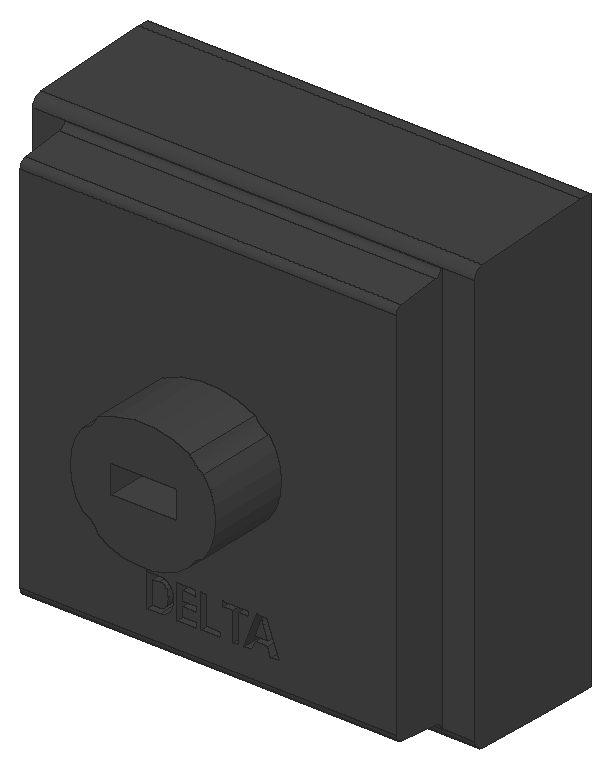
Revit family "Delta Bath Ara 50101", category Plumbing Fixtures, host Wall, Revit 2013
Parameters
  URL = "http://www.deltafaucet.com "
  Shower = Stainless Steel
  Model = "50101"
  Manufacturer = "Delta"
  Depth = 0' - 1.5036"
Reference planes (in)
  plane 1: y = 0
  plane 2 "Center (Left/Right)": x = 0
  plane 3 "Wall Edge": y = 3
  plane 4: y = -3
Forms (in)
  Extrusion 1, solid, material "Stainless Steel" <- "Shower", not visible
    sketch origin (0.0775, 0, 2.32043) x (0, 1, 0) y (0, 0, 1)
      loop
        arc (-3.71279, 70.83597) -> (-3.75105, 70.82014) -> (-3.76996, 70.7833) r 0.06
        line (-3.76996, 70.7833) -> (-3.76996, 68.58439)
        arc (-3.76996, 68.58439) -> (-3.75108, 68.54756) -> (-3.71285, 68.53172) r 0.06
        line (-3.71285, 68.53172) -> (-3.358, 68.51723) -> (-3.202, 68.51086) -> (-3.06, 68.50507) -> (-3, 68.50589) -> (-3, 70.86189) -> (-3.06002, 70.86272) -> (-3.71279, 70.83597)
    from -1.25567 to 1.10068
  Extrusion 2, solid, material "Stainless Steel" <- "Shower", not visible
    sketch origin (0.0775, 0, 2.32043) x (0, 1, 0) y (0, 0, 1)
      loop
        arc (-4.0704, 68.68209) -> (-4.06006, 68.65525) -> (-4.03438, 68.64229) r 0.04
        line (-4.03438, 68.64229) -> (-3.80543, 68.6194)
        arc (-3.80543, 68.6194) -> (-3.78159, 68.60811) -> (-3.76996, 68.58444) r 0.04
        line (-3.76996, 68.58444) -> (-3.76996, 70.78334)
        arc (-3.76996, 70.78334) -> (-3.7816, 70.75966) -> (-3.80546, 70.74839) r 0.04
        line (-3.80546, 70.74839) -> (-4.03438, 70.72549)
        arc (-4.03438, 70.72549) -> (-4.06006, 70.71253) -> (-4.0704, 70.68569) r 0.04
        line (-4.0704, 70.68569) -> (-4.0704, 68.68209)
    from -1.08046 to 0.92373
  Extrusion 3, void, not visible
    sketch origin (-0.03125, 3, 0) x (1, 0, 0) y (0, 0, 1)
      loop
        line (0.28695, 71.32364) -> (0.21974, 71.14078) -> (0.26452, 71.14078) -> (0.2811, 71.18589) -> (0.34825, 71.18589) -> (0.36483, 71.14078) -> (0.40961, 71.14078) -> (0.3424, 71.32364) -> (0.28695, 71.32364)
      loop
        line (0.2811, 71.21714) -> (0.34825, 71.21714) -> (0.31467, 71.30849) -> (0.2811, 71.21714)
      loop
        line (0.19149, 71.14078) -> (0.19149, 71.29239) -> (0.24412, 71.29239) -> (0.24412, 71.32364) -> (0.10761, 71.32364) -> (0.10761, 71.29239) -> (0.16024, 71.29239) -> (0.16024, 71.14078) -> (0.19149, 71.14078)
      loop
        line (0.09663, 71.17203) -> (0.02319, 71.17203) -> (0.02319, 71.32364) -> (-0.00806, 71.32364) -> (-0.00806, 71.14078) -> (0.09663, 71.14078) -> (0.09663, 71.17203)
      loop
        line (-0.03436, 71.32364) -> (-0.13897, 71.32364) -> (-0.13897, 71.14078) -> (-0.03266, 71.14078) -> (-0.03266, 71.17203) -> (-0.10772, 71.17203) -> (-0.10772, 71.21659) -> (-0.03266, 71.21659) -> (-0.03266, 71.24784) -> (-0.10772, 71.24784) -> (-0.10772, 71.29239) -> (-0.03436, 71.29239) -> (-0.03436, 71.32364)
      loop
        arc (-0.15875, 71.2745) -> (-0.18609, 71.31013) -> (-0.22893, 71.32364) r 0.07469
        line (-0.22893, 71.32364) -> (-0.29592, 71.32364) -> (-0.29592, 71.14078) -> (-0.22893, 71.14078)
        arc (-0.22893, 71.14078) -> (-0.18609, 71.15429) -> (-0.15875, 71.18992) r 0.07469
        arc (-0.15875, 71.18992) -> (-0.15129, 71.23221) -> (-0.15875, 71.2745) r 0.12364
      loop
        line (-0.26467, 71.29239) -> (-0.26467, 71.17203) -> (-0.22893, 71.17203)
        arc (-0.22893, 71.17203) -> (-0.20402, 71.17989) -> (-0.18811, 71.20061) r 0.04344
        arc (-0.18811, 71.20061) -> (-0.18254, 71.23221) -> (-0.18811, 71.26381) r 0.09239
        arc (-0.18811, 71.26381) -> (-0.20402, 71.28454) -> (-0.22893, 71.29239) r 0.04344
        line (-0.22893, 71.29239) -> (-0.26467, 71.29239)
    from 6.92043 to 7.1751
  Extrusion 4, void, not visible
    sketch origin (0, 3, 0) x (1, 0, 0) y (0, 0, 1)
      loop
        circle (0, 72.0046) r 0.49
    from 6.35847 to 7.1751
  Extrusion 5, solid, material "Stainless Steel" <- "Shower", not visible
    sketch origin (0, 3, 0) x (1, 0, 0) y (0, 0, 1)
      loop
        arc (0.24724, 72.26684) -> (0.00293, 72.33311) -> (-0.2436, 72.27566) r 0.51789
        arc (-0.2436, 72.27566) -> (-0.27468, 72.22838) -> (-0.32343, 72.19967) r 0.12488
        arc (-0.32343, 72.19967) -> (-0.3878, 71.99942) -> (-0.32343, 71.79916) r 0.34368
        arc (-0.32343, 71.79916) -> (-0.2728, 71.76862) -> (-0.24189, 71.71821) r 0.12488
        arc (-0.24189, 71.71821) -> (0.005, 71.64257) -> (0.24724, 71.732) r 0.40377
        arc (0.24724, 71.732) -> (0.2782, 71.77367) -> (0.32343, 71.79916) r 0.12488
        arc (0.32343, 71.79916) -> (0.3878, 71.99942) -> (0.32343, 72.19967) r 0.34368
        arc (0.32343, 72.19967) -> (0.2782, 72.22516) -> (0.24724, 72.26684) r 0.12488
    from 7.0704 to 7.5036
  Extrusion 6, void, not visible
    sketch origin (0, 3, 0) x (1, 0, 0) y (0, 0, 1)
      loop
        line (0.17559, 72.0799) -> (-0.17559, 72.0799) -> (-0.17559, 71.9293) -> (0.17559, 71.9293) -> (0.17559, 72.0799)
    from 7.1751 to 7.6751
  Extrusion 7, solid, material "Stainless Steel" <- "Shower", not visible
    sketch origin (0.0775, 0, 2.32043) x (0, 1, 0) y (0, 0, 1)
      loop
        arc (-3.71279, 70.83597) -> (-3.75105, 70.82014) -> (-3.76996, 70.7833) r 0.06
        line (-3.76996, 70.7833) -> (-3.76996, 68.58439)
        arc (-3.76996, 68.58439) -> (-3.75108, 68.54756) -> (-3.71285, 68.53172) r 0.06
        line (-3.71285, 68.53172) -> (-3.358, 68.51723) -> (-3.202, 68.51086) -> (-3.06, 68.50507) -> (-3, 68.50589) -> (-3, 70.86189) -> (-3.06002, 70.86272) -> (-3.71279, 70.83597)
    from -1.25567 to 1.10068
  Extrusion 8, solid, material "Stainless Steel" <- "Shower", not visible
    sketch origin (0.0775, 0, 2.32043) x (0, 1, 0) y (0, 0, 1)
      loop
        arc (-4.0704, 68.68209) -> (-4.06006, 68.65525) -> (-4.03438, 68.64229) r 0.04
        line (-4.03438, 68.64229) -> (-3.80543, 68.6194)
        arc (-3.80543, 68.6194) -> (-3.78159, 68.60811) -> (-3.76996, 68.58444) r 0.04
        line (-3.76996, 68.58444) -> (-3.76996, 70.78334)
        arc (-3.76996, 70.78334) -> (-3.7816, 70.75966) -> (-3.80546, 70.74839) r 0.04
        line (-3.80546, 70.74839) -> (-4.03438, 70.72549)
        arc (-4.03438, 70.72549) -> (-4.06006, 70.71253) -> (-4.0704, 70.68569) r 0.04
        line (-4.0704, 70.68569) -> (-4.0704, 68.68209)
    from -1.08046 to 0.92373
  Extrusion 9, void, not visible
    sketch origin (-0.03125, 3, 0) x (1, 0, 0) y (0, 0, 1)
      loop
        line (0.28695, 71.32364) -> (0.21974, 71.14078) -> (0.26452, 71.14078) -> (0.2811, 71.18589) -> (0.34825, 71.18589) -> (0.36483, 71.14078) -> (0.40961, 71.14078) -> (0.3424, 71.32364) -> (0.28695, 71.32364)
      loop
        line (0.2811, 71.21714) -> (0.34825, 71.21714) -> (0.31467, 71.30849) -> (0.2811, 71.21714)
      loop
        line (0.19149, 71.14078) -> (0.19149, 71.29239) -> (0.24412, 71.29239) -> (0.24412, 71.32364) -> (0.10761, 71.32364) -> (0.10761, 71.29239) -> (0.16024, 71.29239) -> (0.16024, 71.14078) -> (0.19149, 71.14078)
      loop
        line (0.09663, 71.17203) -> (0.02319, 71.17203) -> (0.02319, 71.32364) -> (-0.00806, 71.32364) -> (-0.00806, 71.14078) -> (0.09663, 71.14078) -> (0.09663, 71.17203)
      loop
        line (-0.03436, 71.32364) -> (-0.13897, 71.32364) -> (-0.13897, 71.14078) -> (-0.03266, 71.14078) -> (-0.03266, 71.17203) -> (-0.10772, 71.17203) -> (-0.10772, 71.21659) -> (-0.03266, 71.21659) -> (-0.03266, 71.24784) -> (-0.10772, 71.24784) -> (-0.10772, 71.29239) -> (-0.03436, 71.29239) -> (-0.03436, 71.32364)
      loop
        arc (-0.15875, 71.2745) -> (-0.18609, 71.31013) -> (-0.22893, 71.32364) r 0.07469
        line (-0.22893, 71.32364) -> (-0.29592, 71.32364) -> (-0.29592, 71.14078) -> (-0.22893, 71.14078)
        arc (-0.22893, 71.14078) -> (-0.18609, 71.15429) -> (-0.15875, 71.18992) r 0.07469
        arc (-0.15875, 71.18992) -> (-0.15129, 71.23221) -> (-0.15875, 71.2745) r 0.12364
      loop
        line (-0.26467, 71.29239) -> (-0.26467, 71.17203) -> (-0.22893, 71.17203)
        arc (-0.22893, 71.17203) -> (-0.20402, 71.17989) -> (-0.18811, 71.20061) r 0.04344
        arc (-0.18811, 71.20061) -> (-0.18254, 71.23221) -> (-0.18811, 71.26381) r 0.09239
        arc (-0.18811, 71.26381) -> (-0.20402, 71.28454) -> (-0.22893, 71.29239) r 0.04344
        line (-0.22893, 71.29239) -> (-0.26467, 71.29239)
    from 6.92043 to 7.1751
  Extrusion 10, void, not visible
    sketch origin (0, 3, 0) x (1, 0, 0) y (0, 0, 1)
      loop
        circle (0, 72.0046) r 0.49
    from 6.35847 to 7.1751
  Extrusion 11, solid, material "Stainless Steel" <- "Shower", not visible
    sketch origin (0, 3, 0) x (1, 0, 0) y (0, 0, 1)
      loop
        arc (0.24724, 72.26684) -> (0.00293, 72.33311) -> (-0.2436, 72.27566) r 0.51789
        arc (-0.2436, 72.27566) -> (-0.27468, 72.22838) -> (-0.32343, 72.19967) r 0.12488
        arc (-0.32343, 72.19967) -> (-0.3878, 71.99942) -> (-0.32343, 71.79916) r 0.34368
        arc (-0.32343, 71.79916) -> (-0.2728, 71.76862) -> (-0.24189, 71.71821) r 0.12488
        arc (-0.24189, 71.71821) -> (0.005, 71.64257) -> (0.24724, 71.732) r 0.40377
        arc (0.24724, 71.732) -> (0.2782, 71.77367) -> (0.32343, 71.79916) r 0.12488
        arc (0.32343, 71.79916) -> (0.3878, 71.99942) -> (0.32343, 72.19967) r 0.34368
        arc (0.32343, 72.19967) -> (0.2782, 72.22516) -> (0.24724, 72.26684) r 0.12488
    from 7.0704 to 7.5036
  Extrusion 12, void, not visible
    sketch origin (0, 3, 0) x (1, 0, 0) y (0, 0, 1)
      loop
        line (0.17559, 72.0799) -> (-0.17559, 72.0799) -> (-0.17559, 71.9293) -> (0.17559, 71.9293) -> (0.17559, 72.0799)
    from 7.1751 to 7.6751
  Extrusion 13, solid, material "Stainless Steel" <- "Shower", not visible
    sketch origin (0.0775, 0, 2.32043) x (0, 1, 0) y (0, 0, 1)
      loop
        arc (-3.71279, 70.83597) -> (-3.75105, 70.82014) -> (-3.76996, 70.7833) r 0.06
        line (-3.76996, 70.7833) -> (-3.76996, 68.58439)
        arc (-3.76996, 68.58439) -> (-3.75108, 68.54756) -> (-3.71285, 68.53172) r 0.06
        line (-3.71285, 68.53172) -> (-3.358, 68.51723) -> (-3.202, 68.51086) -> (-3.06, 68.50507) -> (-3, 68.50589) -> (-3, 70.86189) -> (-3.06002, 70.86272) -> (-3.71279, 70.83597)
    from -1.25567 to 1.10068
  Extrusion 14, solid, material "Stainless Steel" <- "Shower", not visible
    sketch origin (0.0775, 0, 2.32043) x (0, 1, 0) y (0, 0, 1)
      loop
        arc (-4.0704, 68.68209) -> (-4.06006, 68.65525) -> (-4.03438, 68.64229) r 0.04
        line (-4.03438, 68.64229) -> (-3.80543, 68.6194)
        arc (-3.80543, 68.6194) -> (-3.78159, 68.60811) -> (-3.76996, 68.58444) r 0.04
        line (-3.76996, 68.58444) -> (-3.76996, 70.78334)
        arc (-3.76996, 70.78334) -> (-3.7816, 70.75966) -> (-3.80546, 70.74839) r 0.04
        line (-3.80546, 70.74839) -> (-4.03438, 70.72549)
        arc (-4.03438, 70.72549) -> (-4.06006, 70.71253) -> (-4.0704, 70.68569) r 0.04
        line (-4.0704, 70.68569) -> (-4.0704, 68.68209)
    from -1.08046 to 0.92373
  Extrusion 15, void, not visible
    sketch origin (-0.03125, 3, 0) x (1, 0, 0) y (0, 0, 1)
      loop
        line (0.28695, 71.32364) -> (0.21974, 71.14078) -> (0.26452, 71.14078) -> (0.2811, 71.18589) -> (0.34825, 71.18589) -> (0.36483, 71.14078) -> (0.40961, 71.14078) -> (0.3424, 71.32364) -> (0.28695, 71.32364)
      loop
        line (0.2811, 71.21714) -> (0.34825, 71.21714) -> (0.31467, 71.30849) -> (0.2811, 71.21714)
      loop
        line (0.19149, 71.14078) -> (0.19149, 71.29239) -> (0.24412, 71.29239) -> (0.24412, 71.32364) -> (0.10761, 71.32364) -> (0.10761, 71.29239) -> (0.16024, 71.29239) -> (0.16024, 71.14078) -> (0.19149, 71.14078)
      loop
        line (0.09663, 71.17203) -> (0.02319, 71.17203) -> (0.02319, 71.32364) -> (-0.00806, 71.32364) -> (-0.00806, 71.14078) -> (0.09663, 71.14078) -> (0.09663, 71.17203)
      loop
        line (-0.03436, 71.32364) -> (-0.13897, 71.32364) -> (-0.13897, 71.14078) -> (-0.03266, 71.14078) -> (-0.03266, 71.17203) -> (-0.10772, 71.17203) -> (-0.10772, 71.21659) -> (-0.03266, 71.21659) -> (-0.03266, 71.24784) -> (-0.10772, 71.24784) -> (-0.10772, 71.29239) -> (-0.03436, 71.29239) -> (-0.03436, 71.32364)
      loop
        arc (-0.15875, 71.2745) -> (-0.18609, 71.31013) -> (-0.22893, 71.32364) r 0.07469
        line (-0.22893, 71.32364) -> (-0.29592, 71.32364) -> (-0.29592, 71.14078) -> (-0.22893, 71.14078)
        arc (-0.22893, 71.14078) -> (-0.18609, 71.15429) -> (-0.15875, 71.18992) r 0.07469
        arc (-0.15875, 71.18992) -> (-0.15129, 71.23221) -> (-0.15875, 71.2745) r 0.12364
      loop
        line (-0.26467, 71.29239) -> (-0.26467, 71.17203) -> (-0.22893, 71.17203)
        arc (-0.22893, 71.17203) -> (-0.20402, 71.17989) -> (-0.18811, 71.20061) r 0.04344
        arc (-0.18811, 71.20061) -> (-0.18254, 71.23221) -> (-0.18811, 71.26381) r 0.09239
        arc (-0.18811, 71.26381) -> (-0.20402, 71.28454) -> (-0.22893, 71.29239) r 0.04344
        line (-0.22893, 71.29239) -> (-0.26467, 71.29239)
    from 6.92043 to 7.1751
  Extrusion 16, void, not visible
    sketch origin (0, 3, 0) x (1, 0, 0) y (0, 0, 1)
      loop
        circle (0, 72.0046) r 0.49
    from 6.35847 to 7.1751
  Extrusion 17, solid, material "Stainless Steel" <- "Shower", not visible
    sketch origin (0, 3, 0) x (1, 0, 0) y (0, 0, 1)
      loop
        arc (0.24724, 72.26684) -> (0.00293, 72.33311) -> (-0.2436, 72.27566) r 0.51789
        arc (-0.2436, 72.27566) -> (-0.27468, 72.22838) -> (-0.32343, 72.19967) r 0.12488
        arc (-0.32343, 72.19967) -> (-0.3878, 71.99942) -> (-0.32343, 71.79916) r 0.34368
        arc (-0.32343, 71.79916) -> (-0.2728, 71.76862) -> (-0.24189, 71.71821) r 0.12488
        arc (-0.24189, 71.71821) -> (0.005, 71.64257) -> (0.24724, 71.732) r 0.40377
        arc (0.24724, 71.732) -> (0.2782, 71.77367) -> (0.32343, 71.79916) r 0.12488
        arc (0.32343, 71.79916) -> (0.3878, 71.99942) -> (0.32343, 72.19967) r 0.34368
        arc (0.32343, 72.19967) -> (0.2782, 72.22516) -> (0.24724, 72.26684) r 0.12488
    from 7.0704 to 7.5036
  Extrusion 18, void, not visible
    sketch origin (0, 3, 0) x (1, 0, 0) y (0, 0, 1)
      loop
        line (0.17559, 72.0799) -> (-0.17559, 72.0799) -> (-0.17559, 71.9293) -> (0.17559, 71.9293) -> (0.17559, 72.0799)
    from 7.1751 to 7.6751
  Extrusion 19, solid, material "Stainless Steel" <- "Shower", not visible
    sketch origin (0.0775, -2, 2.32043) x (0, 1, 0) y (0, 0, 1)
      loop
        arc (-3.71279, 70.83597) -> (-3.75105, 70.82014) -> (-3.76996, 70.7833) r 0.06
        line (-3.76996, 70.7833) -> (-3.76996, 68.58439)
        arc (-3.76996, 68.58439) -> (-3.75108, 68.54756) -> (-3.71285, 68.53172) r 0.06
        line (-3.71285, 68.53172) -> (-3.358, 68.51723) -> (-3.202, 68.51086) -> (-3.06, 68.50507) -> (-3, 68.50589) -> (-3, 70.86189) -> (-3.06002, 70.86272) -> (-3.71279, 70.83597)
    from -1.25567 to 1.10068
  Extrusion 20, solid, material "Stainless Steel" <- "Shower", not visible
    sketch origin (0.0775, -2, 2.32043) x (0, 1, 0) y (0, 0, 1)
      loop
        arc (-4.0704, 68.68209) -> (-4.06006, 68.65525) -> (-4.03438, 68.64229) r 0.04
        line (-4.03438, 68.64229) -> (-3.80543, 68.6194)
        arc (-3.80543, 68.6194) -> (-3.78159, 68.60811) -> (-3.76996, 68.58444) r 0.04
        line (-3.76996, 68.58444) -> (-3.76996, 70.78334)
        arc (-3.76996, 70.78334) -> (-3.7816, 70.75966) -> (-3.80546, 70.74839) r 0.04
        line (-3.80546, 70.74839) -> (-4.03438, 70.72549)
        arc (-4.03438, 70.72549) -> (-4.06006, 70.71253) -> (-4.0704, 70.68569) r 0.04
        line (-4.0704, 70.68569) -> (-4.0704, 68.68209)
    from -1.08046 to 0.92373
  Extrusion 21, void, not visible
    sketch origin (-0.03125, 1, 0) x (1, 0, 0) y (0, 0, 1)
      loop
        line (0.28695, 71.32364) -> (0.21974, 71.14078) -> (0.26452, 71.14078) -> (0.2811, 71.18589) -> (0.34825, 71.18589) -> (0.36483, 71.14078) -> (0.40961, 71.14078) -> (0.3424, 71.32364) -> (0.28695, 71.32364)
      loop
        line (0.2811, 71.21714) -> (0.34825, 71.21714) -> (0.31467, 71.30849) -> (0.2811, 71.21714)
      loop
        line (0.19149, 71.14078) -> (0.19149, 71.29239) -> (0.24412, 71.29239) -> (0.24412, 71.32364) -> (0.10761, 71.32364) -> (0.10761, 71.29239) -> (0.16024, 71.29239) -> (0.16024, 71.14078) -> (0.19149, 71.14078)
      loop
        line (0.09663, 71.17203) -> (0.02319, 71.17203) -> (0.02319, 71.32364) -> (-0.00806, 71.32364) -> (-0.00806, 71.14078) -> (0.09663, 71.14078) -> (0.09663, 71.17203)
      loop
        line (-0.03436, 71.32364) -> (-0.13897, 71.32364) -> (-0.13897, 71.14078) -> (-0.03266, 71.14078) -> (-0.03266, 71.17203) -> (-0.10772, 71.17203) -> (-0.10772, 71.21659) -> (-0.03266, 71.21659) -> (-0.03266, 71.24784) -> (-0.10772, 71.24784) -> (-0.10772, 71.29239) -> (-0.03436, 71.29239) -> (-0.03436, 71.32364)
      loop
        arc (-0.15875, 71.2745) -> (-0.18609, 71.31013) -> (-0.22893, 71.32364) r 0.07469
        line (-0.22893, 71.32364) -> (-0.29592, 71.32364) -> (-0.29592, 71.14078) -> (-0.22893, 71.14078)
        arc (-0.22893, 71.14078) -> (-0.18609, 71.15429) -> (-0.15875, 71.18992) r 0.07469
        arc (-0.15875, 71.18992) -> (-0.15129, 71.23221) -> (-0.15875, 71.2745) r 0.12364
      loop
        line (-0.26467, 71.29239) -> (-0.26467, 71.17203) -> (-0.22893, 71.17203)
        arc (-0.22893, 71.17203) -> (-0.20402, 71.17989) -> (-0.18811, 71.20061) r 0.04344
        arc (-0.18811, 71.20061) -> (-0.18254, 71.23221) -> (-0.18811, 71.26381) r 0.09239
        arc (-0.18811, 71.26381) -> (-0.20402, 71.28454) -> (-0.22893, 71.29239) r 0.04344
        line (-0.22893, 71.29239) -> (-0.26467, 71.29239)
    from 6.92043 to 7.1751
  Extrusion 22, void, not visible
    sketch origin (0, 1, 0) x (1, 0, 0) y (0, 0, 1)
      loop
        circle (0, 72.0046) r 0.49
    from 6.35847 to 7.1751
  Extrusion 23, solid, material "Stainless Steel" <- "Shower", not visible
    sketch origin (0, 1, 0) x (1, 0, 0) y (0, 0, 1)
      loop
        arc (0.24724, 72.26684) -> (0.00293, 72.33311) -> (-0.2436, 72.27566) r 0.51789
        arc (-0.2436, 72.27566) -> (-0.27468, 72.22838) -> (-0.32343, 72.19967) r 0.12488
        arc (-0.32343, 72.19967) -> (-0.3878, 71.99942) -> (-0.32343, 71.79916) r 0.34368
        arc (-0.32343, 71.79916) -> (-0.2728, 71.76862) -> (-0.24189, 71.71821) r 0.12488
        arc (-0.24189, 71.71821) -> (0.005, 71.64257) -> (0.24724, 71.732) r 0.40377
        arc (0.24724, 71.732) -> (0.2782, 71.77367) -> (0.32343, 71.79916) r 0.12488
        arc (0.32343, 71.79916) -> (0.3878, 71.99942) -> (0.32343, 72.19967) r 0.34368
        arc (0.32343, 72.19967) -> (0.2782, 72.22516) -> (0.24724, 72.26684) r 0.12488
    from 7.0704 to 7.5036
  Extrusion 24, void, not visible
    sketch origin (0, 1, 0) x (1, 0, 0) y (0, 0, 1)
      loop
        line (0.17559, 72.0799) -> (-0.17559, 72.0799) -> (-0.17559, 71.9293) -> (0.17559, 71.9293) -> (0.17559, 72.0799)
    from 7.1751 to 7.6751
  Extrusion 25, solid, material "Stainless Steel" <- "Shower", not visible
    sketch origin (0.0775, 0, -49.67957) x (0, 1, 0) y (0, 0, 1)
      loop
        arc (-3.71279, 70.83597) -> (-3.75105, 70.82014) -> (-3.76996, 70.7833) r 0.06
        line (-3.76996, 70.7833) -> (-3.76996, 68.58439)
        arc (-3.76996, 68.58439) -> (-3.75108, 68.54756) -> (-3.71285, 68.53172) r 0.06
        line (-3.71285, 68.53172) -> (-3.358, 68.51723) -> (-3.202, 68.51086) -> (-3.06, 68.50507) -> (-3, 68.50589) -> (-3, 70.86189) -> (-3.06002, 70.86272) -> (-3.71279, 70.83597)
    from -1.25567 to 1.10068
  Extrusion 26, solid, material "Stainless Steel" <- "Shower", not visible
    sketch origin (0.0775, 0, -49.67957) x (0, 1, 0) y (0, 0, 1)
      loop
        arc (-4.0704, 68.68209) -> (-4.06006, 68.65525) -> (-4.03438, 68.64229) r 0.04
        line (-4.03438, 68.64229) -> (-3.80543, 68.6194)
        arc (-3.80543, 68.6194) -> (-3.78159, 68.60811) -> (-3.76996, 68.58444) r 0.04
        line (-3.76996, 68.58444) -> (-3.76996, 70.78334)
        arc (-3.76996, 70.78334) -> (-3.7816, 70.75966) -> (-3.80546, 70.74839) r 0.04
        line (-3.80546, 70.74839) -> (-4.03438, 70.72549)
        arc (-4.03438, 70.72549) -> (-4.06006, 70.71253) -> (-4.0704, 70.68569) r 0.04
        line (-4.0704, 70.68569) -> (-4.0704, 68.68209)
    from -1.08046 to 0.92373
  Extrusion 27, void, not visible
    sketch origin (-0.03125, 3, -52) x (1, 0, 0) y (0, 0, 1)
      loop
        line (0.28695, 71.32364) -> (0.21974, 71.14078) -> (0.26452, 71.14078) -> (0.2811, 71.18589) -> (0.34825, 71.18589) -> (0.36483, 71.14078) -> (0.40961, 71.14078) -> (0.3424, 71.32364) -> (0.28695, 71.32364)
      loop
        line (0.2811, 71.21714) -> (0.34825, 71.21714) -> (0.31467, 71.30849) -> (0.2811, 71.21714)
      loop
        line (0.19149, 71.14078) -> (0.19149, 71.29239) -> (0.24412, 71.29239) -> (0.24412, 71.32364) -> (0.10761, 71.32364) -> (0.10761, 71.29239) -> (0.16024, 71.29239) -> (0.16024, 71.14078) -> (0.19149, 71.14078)
      loop
        line (0.09663, 71.17203) -> (0.02319, 71.17203) -> (0.02319, 71.32364) -> (-0.00806, 71.32364) -> (-0.00806, 71.14078) -> (0.09663, 71.14078) -> (0.09663, 71.17203)
      loop
        line (-0.03436, 71.32364) -> (-0.13897, 71.32364) -> (-0.13897, 71.14078) -> (-0.03266, 71.14078) -> (-0.03266, 71.17203) -> (-0.10772, 71.17203) -> (-0.10772, 71.21659) -> (-0.03266, 71.21659) -> (-0.03266, 71.24784) -> (-0.10772, 71.24784) -> (-0.10772, 71.29239) -> (-0.03436, 71.29239) -> (-0.03436, 71.32364)
      loop
        arc (-0.15875, 71.2745) -> (-0.18609, 71.31013) -> (-0.22893, 71.32364) r 0.07469
        line (-0.22893, 71.32364) -> (-0.29592, 71.32364) -> (-0.29592, 71.14078) -> (-0.22893, 71.14078)
        arc (-0.22893, 71.14078) -> (-0.18609, 71.15429) -> (-0.15875, 71.18992) r 0.07469
        arc (-0.15875, 71.18992) -> (-0.15129, 71.23221) -> (-0.15875, 71.2745) r 0.12364
      loop
        line (-0.26467, 71.29239) -> (-0.26467, 71.17203) -> (-0.22893, 71.17203)
        arc (-0.22893, 71.17203) -> (-0.20402, 71.17989) -> (-0.18811, 71.20061) r 0.04344
        arc (-0.18811, 71.20061) -> (-0.18254, 71.23221) -> (-0.18811, 71.26381) r 0.09239
        arc (-0.18811, 71.26381) -> (-0.20402, 71.28454) -> (-0.22893, 71.29239) r 0.04344
        line (-0.22893, 71.29239) -> (-0.26467, 71.29239)
    from 6.92043 to 7.1751
  Extrusion 28, void, not visible
    sketch origin (0, 3, -52) x (1, 0, 0) y (0, 0, 1)
      loop
        circle (0, 72.0046) r 0.49
    from 6.35847 to 7.1751
  Extrusion 29, solid, material "Stainless Steel" <- "Shower", not visible
    sketch origin (0, 3, -52) x (1, 0, 0) y (0, 0, 1)
      loop
        arc (0.24724, 72.26684) -> (0.00293, 72.33311) -> (-0.2436, 72.27566) r 0.51789
        arc (-0.2436, 72.27566) -> (-0.27468, 72.22838) -> (-0.32343, 72.19967) r 0.12488
        arc (-0.32343, 72.19967) -> (-0.3878, 71.99942) -> (-0.32343, 71.79916) r 0.34368
        arc (-0.32343, 71.79916) -> (-0.2728, 71.76862) -> (-0.24189, 71.71821) r 0.12488
        arc (-0.24189, 71.71821) -> (0.005, 71.64257) -> (0.24724, 71.732) r 0.40377
        arc (0.24724, 71.732) -> (0.2782, 71.77367) -> (0.32343, 71.79916) r 0.12488
        arc (0.32343, 71.79916) -> (0.3878, 71.99942) -> (0.32343, 72.19967) r 0.34368
        arc (0.32343, 72.19967) -> (0.2782, 72.22516) -> (0.24724, 72.26684) r 0.12488
    from 7.0704 to 7.5036
  Extrusion 30, void, not visible
    sketch origin (0, 3, -52) x (1, 0, 0) y (0, 0, 1)
      loop
        line (0.17559, 72.0799) -> (-0.17559, 72.0799) -> (-0.17559, 71.9293) -> (0.17559, 71.9293) -> (0.17559, 72.0799)
    from 7.1751 to 7.6751
  Extrusion 31, solid, material "Stainless Steel" <- "Shower"
    sketch origin (0.0775, 0, -54.17957) x (0, 1, 0) y (0, 0, 1)
      loop
        arc (-3.71279, 70.83597) -> (-3.75105, 70.82014) -> (-3.76996, 70.7833) r 0.06
        line (-3.76996, 70.7833) -> (-3.76996, 68.58439)
        arc (-3.76996, 68.58439) -> (-3.75108, 68.54756) -> (-3.71285, 68.53172) r 0.06
        line (-3.71285, 68.53172) -> (-3.358, 68.51723) -> (-3.202, 68.51086) -> (-3.06, 68.50507) -> (-3, 68.50589) -> (-3, 70.86189) -> (-3.06002, 70.86272) -> (-3.71279, 70.83597)
    from -1.25567 to 1.10068
  Extrusion 32, solid, material "Stainless Steel" <- "Shower"
    sketch origin (0.0775, 0, -54.17957) x (0, 1, 0) y (0, 0, 1)
      loop
        arc (-4.0704, 68.68209) -> (-4.06006, 68.65525) -> (-4.03438, 68.64229) r 0.04
        line (-4.03438, 68.64229) -> (-3.80543, 68.6194)
        arc (-3.80543, 68.6194) -> (-3.78159, 68.60811) -> (-3.76996, 68.58444) r 0.04
        line (-3.76996, 68.58444) -> (-3.76996, 70.78334)
        arc (-3.76996, 70.78334) -> (-3.7816, 70.75966) -> (-3.80546, 70.74839) r 0.04
        line (-3.80546, 70.74839) -> (-4.03438, 70.72549)
        arc (-4.03438, 70.72549) -> (-4.06006, 70.71253) -> (-4.0704, 70.68569) r 0.04
        line (-4.0704, 70.68569) -> (-4.0704, 68.68209)
    from -1.08046 to 0.92373
  Extrusion 33, void
    sketch origin (-0.03125, 3, -56.5) x (1, 0, 0) y (0, 0, 1)
      loop
        line (0.28695, 71.32364) -> (0.21974, 71.14078) -> (0.26452, 71.14078) -> (0.2811, 71.18589) -> (0.34825, 71.18589) -> (0.36483, 71.14078) -> (0.40961, 71.14078) -> (0.3424, 71.32364) -> (0.28695, 71.32364)
      loop
        line (0.2811, 71.21714) -> (0.34825, 71.21714) -> (0.31467, 71.30849) -> (0.2811, 71.21714)
      loop
        line (0.19149, 71.14078) -> (0.19149, 71.29239) -> (0.24412, 71.29239) -> (0.24412, 71.32364) -> (0.10761, 71.32364) -> (0.10761, 71.29239) -> (0.16024, 71.29239) -> (0.16024, 71.14078) -> (0.19149, 71.14078)
      loop
        line (0.09663, 71.17203) -> (0.02319, 71.17203) -> (0.02319, 71.32364) -> (-0.00806, 71.32364) -> (-0.00806, 71.14078) -> (0.09663, 71.14078) -> (0.09663, 71.17203)
      loop
        line (-0.03436, 71.32364) -> (-0.13897, 71.32364) -> (-0.13897, 71.14078) -> (-0.03266, 71.14078) -> (-0.03266, 71.17203) -> (-0.10772, 71.17203) -> (-0.10772, 71.21659) -> (-0.03266, 71.21659) -> (-0.03266, 71.24784) -> (-0.10772, 71.24784) -> (-0.10772, 71.29239) -> (-0.03436, 71.29239) -> (-0.03436, 71.32364)
      loop
        arc (-0.15875, 71.2745) -> (-0.18609, 71.31013) -> (-0.22893, 71.32364) r 0.07469
        line (-0.22893, 71.32364) -> (-0.29592, 71.32364) -> (-0.29592, 71.14078) -> (-0.22893, 71.14078)
        arc (-0.22893, 71.14078) -> (-0.18609, 71.15429) -> (-0.15875, 71.18992) r 0.07469
        arc (-0.15875, 71.18992) -> (-0.15129, 71.23221) -> (-0.15875, 71.2745) r 0.12364
      loop
        line (-0.26467, 71.29239) -> (-0.26467, 71.17203) -> (-0.22893, 71.17203)
        arc (-0.22893, 71.17203) -> (-0.20402, 71.17989) -> (-0.18811, 71.20061) r 0.04344
        arc (-0.18811, 71.20061) -> (-0.18254, 71.23221) -> (-0.18811, 71.26381) r 0.09239
        arc (-0.18811, 71.26381) -> (-0.20402, 71.28454) -> (-0.22893, 71.29239) r 0.04344
        line (-0.22893, 71.29239) -> (-0.26467, 71.29239)
    from 6.92043 to 7.1751
  Extrusion 34, solid, material "Stainless Steel" <- "Shower"
    sketch origin (0, 3, -56.5) x (1, 0, 0) y (0, 0, 1)
      loop
        arc (0.24724, 72.26684) -> (0.00293, 72.33311) -> (-0.2436, 72.27566) r 0.51789
        arc (-0.2436, 72.27566) -> (-0.27468, 72.22838) -> (-0.32343, 72.19967) r 0.12488
        arc (-0.32343, 72.19967) -> (-0.3878, 71.99942) -> (-0.32343, 71.79916) r 0.34368
        arc (-0.32343, 71.79916) -> (-0.2728, 71.76862) -> (-0.24189, 71.71821) r 0.12488
        arc (-0.24189, 71.71821) -> (0.005, 71.64257) -> (0.24724, 71.732) r 0.40377
        arc (0.24724, 71.732) -> (0.2782, 71.77367) -> (0.32343, 71.79916) r 0.12488
        arc (0.32343, 71.79916) -> (0.3878, 71.99942) -> (0.32343, 72.19967) r 0.34368
        arc (0.32343, 72.19967) -> (0.2782, 72.22516) -> (0.24724, 72.26684) r 0.12488
    from 7.0704 to 7.5036
  Extrusion 35, void
    sketch origin (0, 3, -56.5) x (1, 0, 0) y (0, 0, 1)
      loop
        line (0.17559, 72.0799) -> (-0.17559, 72.0799) -> (-0.17559, 71.9293) -> (0.17559, 71.9293) -> (0.17559, 72.0799)
    from 7.1751 to 7.6751
  Extrusion 36, solid, material "Stainless Steel" <- "Shower", not visible
    sketch origin (0.0775, 0, -54.17957) x (0, 1, 0) y (0, 0, 1)
      loop
        arc (-3.71279, 70.83597) -> (-3.75105, 70.82014) -> (-3.76996, 70.7833) r 0.06
        line (-3.76996, 70.7833) -> (-3.76996, 68.58439)
        arc (-3.76996, 68.58439) -> (-3.75108, 68.54756) -> (-3.71285, 68.53172) r 0.06
        line (-3.71285, 68.53172) -> (-3.358, 68.51723) -> (-3.202, 68.51086) -> (-3.06, 68.50507) -> (-3, 68.50589) -> (-3, 70.86189) -> (-3.06002, 70.86272) -> (-3.71279, 70.83597)
    from -1.25567 to 1.10068
  Extrusion 37, solid, material "Stainless Steel" <- "Shower", not visible
    sketch origin (0.0775, 0, -54.17957) x (0, 1, 0) y (0, 0, 1)
      loop
        arc (-4.0704, 68.68209) -> (-4.06006, 68.65525) -> (-4.03438, 68.64229) r 0.04
        line (-4.03438, 68.64229) -> (-3.80543, 68.6194)
        arc (-3.80543, 68.6194) -> (-3.78159, 68.60811) -> (-3.76996, 68.58444) r 0.04
        line (-3.76996, 68.58444) -> (-3.76996, 70.78334)
        arc (-3.76996, 70.78334) -> (-3.7816, 70.75966) -> (-3.80546, 70.74839) r 0.04
        line (-3.80546, 70.74839) -> (-4.03438, 70.72549)
        arc (-4.03438, 70.72549) -> (-4.06006, 70.71253) -> (-4.0704, 70.68569) r 0.04
        line (-4.0704, 70.68569) -> (-4.0704, 68.68209)
    from -1.08046 to 0.92373
  Extrusion 38, void, not visible
    sketch origin (-0.03125, 3, -56.5) x (1, 0, 0) y (0, 0, 1)
      loop
        line (0.28695, 71.32364) -> (0.21974, 71.14078) -> (0.26452, 71.14078) -> (0.2811, 71.18589) -> (0.34825, 71.18589) -> (0.36483, 71.14078) -> (0.40961, 71.14078) -> (0.3424, 71.32364) -> (0.28695, 71.32364)
      loop
        line (0.2811, 71.21714) -> (0.34825, 71.21714) -> (0.31467, 71.30849) -> (0.2811, 71.21714)
      loop
        line (0.19149, 71.14078) -> (0.19149, 71.29239) -> (0.24412, 71.29239) -> (0.24412, 71.32364) -> (0.10761, 71.32364) -> (0.10761, 71.29239) -> (0.16024, 71.29239) -> (0.16024, 71.14078) -> (0.19149, 71.14078)
      loop
        line (0.09663, 71.17203) -> (0.02319, 71.17203) -> (0.02319, 71.32364) -> (-0.00806, 71.32364) -> (-0.00806, 71.14078) -> (0.09663, 71.14078) -> (0.09663, 71.17203)
      loop
        line (-0.03436, 71.32364) -> (-0.13897, 71.32364) -> (-0.13897, 71.14078) -> (-0.03266, 71.14078) -> (-0.03266, 71.17203) -> (-0.10772, 71.17203) -> (-0.10772, 71.21659) -> (-0.03266, 71.21659) -> (-0.03266, 71.24784) -> (-0.10772, 71.24784) -> (-0.10772, 71.29239) -> (-0.03436, 71.29239) -> (-0.03436, 71.32364)
      loop
        arc (-0.15875, 71.2745) -> (-0.18609, 71.31013) -> (-0.22893, 71.32364) r 0.07469
        line (-0.22893, 71.32364) -> (-0.29592, 71.32364) -> (-0.29592, 71.14078) -> (-0.22893, 71.14078)
        arc (-0.22893, 71.14078) -> (-0.18609, 71.15429) -> (-0.15875, 71.18992) r 0.07469
        arc (-0.15875, 71.18992) -> (-0.15129, 71.23221) -> (-0.15875, 71.2745) r 0.12364
      loop
        line (-0.26467, 71.29239) -> (-0.26467, 71.17203) -> (-0.22893, 71.17203)
        arc (-0.22893, 71.17203) -> (-0.20402, 71.17989) -> (-0.18811, 71.20061) r 0.04344
        arc (-0.18811, 71.20061) -> (-0.18254, 71.23221) -> (-0.18811, 71.26381) r 0.09239
        arc (-0.18811, 71.26381) -> (-0.20402, 71.28454) -> (-0.22893, 71.29239) r 0.04344
        line (-0.22893, 71.29239) -> (-0.26467, 71.29239)
    from 6.92043 to 7.1751
  Extrusion 39, solid, material "Stainless Steel" <- "Shower", not visible
    sketch origin (0, 3, -56.5) x (1, 0, 0) y (0, 0, 1)
      loop
        arc (0.24724, 72.26684) -> (0.00293, 72.33311) -> (-0.2436, 72.27566) r 0.51789
        arc (-0.2436, 72.27566) -> (-0.27468, 72.22838) -> (-0.32343, 72.19967) r 0.12488
        arc (-0.32343, 72.19967) -> (-0.3878, 71.99942) -> (-0.32343, 71.79916) r 0.34368
        arc (-0.32343, 71.79916) -> (-0.2728, 71.76862) -> (-0.24189, 71.71821) r 0.12488
        arc (-0.24189, 71.71821) -> (0.005, 71.64257) -> (0.24724, 71.732) r 0.40377
        arc (0.24724, 71.732) -> (0.2782, 71.77367) -> (0.32343, 71.79916) r 0.12488
        arc (0.32343, 71.79916) -> (0.3878, 71.99942) -> (0.32343, 72.19967) r 0.34368
        arc (0.32343, 72.19967) -> (0.2782, 72.22516) -> (0.24724, 72.26684) r 0.12488
    from 7.0704 to 7.5036
  Extrusion 40, void, not visible
    sketch origin (0, 3, -56.5) x (1, 0, 0) y (0, 0, 1)
      loop
        line (0.17559, 72.0799) -> (-0.17559, 72.0799) -> (-0.17559, 71.9293) -> (0.17559, 71.9293) -> (0.17559, 72.0799)
    from 7.1751 to 7.6751
Cuts and joins
  Extrusion 33 cuts Extrusion 32
  Extrusion 35 cuts Extrusion 34
Text (in)
  text "Placement Side" at (0, 40.15149, 123.01588), in view "Right"
  text "Placement Side" at (-70.3804, 28.46503, 0), in view "Ref. Level"
  text "Placement Side" at (0, 81.62555, 140.59947), in view "Left"
Dimensions and locks (in)
  locked: plane 3 "Wall Edge" to host wall
  aligned and locked: host wall to plane 4
  aligned and locked: Extrusion 35 to Extrusion 33
  aligned and locked: plane 4 to Extrusion 31
Connectors (in)
  piping at (0, -3, 15.50432)
    settings: on Extrusion 31, index 1, connector radius 12", flow factor 0, pipe flow 0 GPM, pressure drop 0.00 psi, fitting loss kfactor 0, connector angle 0.00°, fixture units 0, engagement length 0' - 0", flow configuration 0, flow direction 0, fitting loss method 0, system type 19, joint type 0, gender type 0, connector reference index -1, connector utility 0, adjustable connector no, is connector primary yes, fitting loss table "", connector description ""
